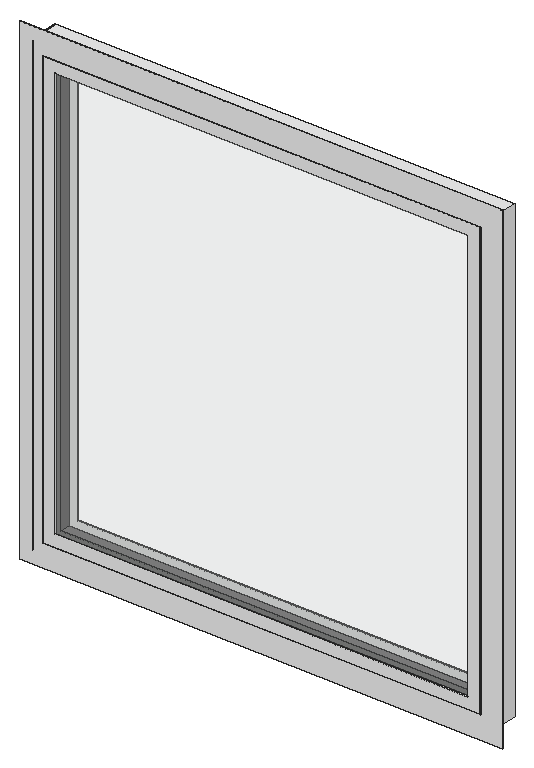
Revit family "Casement_30.5_C_Side_Hung_Custom", category Windows, host Wall, Revit 2014
Parameters (values of type "Casement_Sash_DG")
  Width Sash [instance] = 30 mm
  Width Sash Inner = 15 mm
  Width Bead = 15 mm
  Top Hung [instance] = yes
  Side Hung Right [instance] = yes
  Side Hung Left [instance] = yes
  Sash Opening Width [instance] = 600 mm
  Sash Opening Height [instance] = 600.312 mm
  Sash Lip = 15 mm
  Glazing Material [instance] = Glass
  DG Start Piece 2 [instance] = DG End Piece 1 + DG Gasket Thickness  # 25 mm
  DG Start Peice 1 [instance] = (Depth Sash - (2 * DG Glazing Thickness) - DG Gasket Thickness) / 2  # 6.6 mm
  Glazing Offset = 5 mm
  DG Glazing Thickness [instance] = 6.4 mm
  DG Gasket Thickness = 12 mm  # constant formula
  DG Gasket Material [instance] = Double Glazing Gasket Material
  DG End Piece 2 [instance] = DG Start Piece 2 + DG Glazing Thickness  # 31.4 mm
  DG End Piece 1 [instance] = DG Start Peice 1 + DG Glazing Thickness  # 13 mm
  Depth Sash [instance] = 38 mm
  Center Vertical Sash [instance] = Sash Opening Height / 2  # 300.156 mm
  Center Horizontal Sash [instance] = Sash Opening Width / 2  # 300 mm
  Bottom Hung [instance] = yes
  Bead Offset = 15 mm
  Aluminium Thickness = 1 mm
  Aluminium Material [instance] = White Powder Coated Aluminium
Reference planes
  plane 1 "Center (Front/Back)": y = 0
  plane 2: z = 0
  plane 3 "Center (Left/Right)": x = 0
Forms (mm)
  Sweep 1, solid, material "White Powder Coated Aluminium" <- "Aluminium Material"
    path origin (16.177, 0, 121.331) x (1, 0, 0) y (0, 0, 1)
      loop
        line (0, 0) -> (600, 0) -> (600, 600.312) -> (0, 600.312) -> (0, 0)
    profile origin (316.177, 0, 121.331) x (0, 0, 1) y (0, -1, 0)
      loop
        line (0, 0) -> (30, 0) -> (30, 1) -> (15, 1) -> (15, 38) -> (-15, 38) -> (-15, 37) -> (0, 37) -> (0, 0)
      loop
        line (14, 1) -> (14, 37) -> (1, 37) -> (1, 1) -> (14, 1)
  Sweep 2, solid, material "White Powder Coated Aluminium" <- "Aluminium Material"
    path origin (0, 0, 0) x (1, 0, 0) y (0, 0, 1)
      loop
        line (31.177, 706.643) -> (31.177, 136.331) -> (601.177, 136.331) -> (601.177, 706.643) -> (31.177, 706.643)
    profile origin (316.177, 0, 706.643) x (0, 0, 1) y (0, -1, 0)
      loop
        line (0, 37) -> (0, 38) -> (-15, 38) -> (-15, 37) -> (0, 37)
  Extrusion 3, solid, material "Glass" <- "Glazing Material"
    sketch origin (0, 0, 0) x (1, 0, 0) y (0, 0, 1)
      loop
        line (36.177, 701.643) -> (36.177, 141.331) -> (596.177, 141.331) -> (596.177, 701.643) -> (36.177, 701.643)
    from 6.6 <- "DG Start Peice 1" to 13 <- "DG End Piece 1"
  Extrusion 4, solid, material "Glass" <- "Glazing Material"
    sketch origin (0, 0, 0) x (1, 0, 0) y (0, 0, 1)
      loop
        line (36.177, 701.643) -> (36.177, 141.331) -> (596.177, 141.331) -> (596.177, 701.643) -> (36.177, 701.643)
    from 31.4 <- "DG End Piece 2" to 25 <- "DG Start Piece 2"
  Sweep 5, solid, material "Double Glazing Gasket Material" <- "DG Gasket Material"
    path origin (0, -13, 0) x (1, 0, 0) y (0, 0, 1)
      loop
        line (36.177, 701.643) -> (36.177, 141.331) -> (596.177, 141.331) -> (596.177, 701.643) -> (36.177, 701.643)
    profile origin (316.177, -13, 701.643) x (0, 0, 1) y (0, -1, 0)
      loop
        line (0, 0) -> (0, 12) -> (-7.96, 12) -> (-7.96, 0) -> (0, 0)
Lines and regions (mm)
  model lines
    curve 1: line (1.177, -38, 736.643) -> (31.177, -38, 706.643)
    curve 2: line (601.177, -38, 706.643) -> (631.177, -38, 736.643)
    curve 3: line (601.177, -38, 136.331) -> (631.177, -38, 106.331)
    curve 4: line (1.177, -38, 106.331) -> (31.177, -38, 136.331)
    curve 5: line (631.177, -37, 736.643) -> (616.177, -37, 721.643)
    curve 6: line (1.177, -37, 736.643) -> (16.177, -37, 721.643)
    curve 7: line (1.177, -37, 106.331) -> (16.177, -37, 121.331)
    curve 8: line (631.177, -37, 106.331) -> (616.177, -37, 121.331)
    curve 9: line (616.177, 0, 121.331) -> (586.177, 0, 151.331)
    curve 10: line (46.177, 0, 151.331) -> (16.177, 0, 121.331)
    curve 11: line (616.177, 0, 721.643) -> (586.177, 0, 691.643)
    curve 12: line (46.177, 0, 691.643) -> (16.177, 0, 721.643)
    curve 13: line (31.177, -38, 691.643) -> (46.177, -38, 691.643)
    curve 14: line (586.177, -38, 691.643) -> (601.177, -38, 691.643)
    curve 15: line (586.177, -38, 151.331) -> (601.177, -38, 151.331)
    curve 16: line (31.177, -38, 151.331) -> (46.177, -38, 151.331)
  model lines, style "GenericModelHiddenLines", visible <- "Top Hung"
    curve 17: line (46.386, -31.4, 690.914) -> (316.177, -31.4, 151.331)
    curve 18: line (316.177, -31.4, 151.331) -> (586.177, -31.4, 691.331)
  model lines, style "GenericModelHiddenLines", visible <- "Bottom Hung"
    curve 19: line (46.177, -31.4, 151.331) -> (316.177, -31.4, 691.331)
    curve 20: line (316.177, -31.4, 691.331) -> (586.177, -31.4, 151.331)
  model lines, style "GenericModelHiddenLines", visible <- "Side Hung Left"
    curve 21: line (46.386, -31.4, 690.914) -> (585.24, -31.4, 421.487)
    curve 22: line (585.24, -31.4, 421.487) -> (46.177, -31.4, 151.331)
  model lines, style "GenericModelHiddenLines", visible <- "Side Hung Right"
    curve 23: line (586.177, -31.4, 691.331) -> (46.177, -31.4, 421.487)
    curve 24: line (46.177, -31.4, 421.487) -> (586.177, -31.4, 151.331)
Dimensions and locks
  "Aluminium Thickness": Sweep 1 sketch curve to Sweep 1 sketch curve  (x4)
  "Depth Sash": Sweep 1 sketch curve to Sweep 1 sketch curve
  "Sash Opening Width": Sweep 1 to Sweep 1
  "Sash Opening Height": Sweep 1 to Sweep 1
  "Width Sash": Sweep 1 sketch curve to Sweep 1 sketch curve  (x2)
  "Width Sash Inner": Sweep 1 sketch curve to Sweep 1 sketch curve
  "Sash Lip": Sweep 1 sketch curve to Sweep 1 sketch curve
  "Aluminium Thickness": Sweep 1 to Sweep 2 sketch curve
  "Glazing Offset": Sweep 2 to Extrusion 3 sketch curve  (x3)
  "Glazing Offset": Extrusion 3 sketch curve to Sweep 2
  Sweep 1 to Sweep 1 = 1 mm
  "Aluminium Thickness": Sweep 2 sketch curve to Sweep 2 sketch curve
  "Width Bead": Sweep 2 sketch curve to Sweep 2 sketch curve
  locked: Sweep 5 sketch curve to Sweep 5 sketch curve at 7.96
  "Center Horizontal Sash": Sweep 1 to curve 18
  "Center Horizontal Sash": Sweep 1 to curve 20
  "Center Vertical Sash": Sweep 1 to curve 22
  "Center Vertical Sash": Sweep 1 to curve 24
  aligned and locked: level to plane 2
  aligned and locked: Sweep 1 sketch curve to Sweep 1 sketch curve  (x2)
  aligned and locked: Sweep 2 sketch curve to Sweep 1  (x5)
  aligned and locked: Extrusion 4 sketch curve to Extrusion 3  (x4)
  aligned and locked: Sweep 5 sketch curve to Extrusion 3  (x5)
  aligned and locked: Extrusion 3 to Sweep 5 sketch curve
Automatic sketch dimensions
  plane 3 "Center (Left/Right)" to Sweep 1 sketch curve = 16.177 mm
  level to Sweep 1 sketch curve = 121.331 mm
  plane 3 "Center (Left/Right)" to Sweep 1 sketch curve = 616.177 mm
  level to Sweep 1 sketch curve = 721.643 mm
  profile plane to Sweep 5 sketch curve = 12 mm
  curve 7 to Sweep 1 = 0 mm  (x4)
  curve 6 to Sweep 1 = 0 mm  (x3)
  Sweep 1 to curve 6 = 0 mm
  curve 5 to Sweep 1 = 0 mm  (x3)
  curve 8 to Sweep 1 = 0 mm  (x4)
  Sweep 1 to curve 5 = 0 mm
  curve 16 to Sweep 2 = 0 mm  (x3)
  curve 13 to Sweep 2 = 0 mm  (x3)
  curve 15 to Sweep 2 = 0 mm
  Sweep 2 to curve 15 = 0 mm  (x2)
  curve 14 to Sweep 2 = 0 mm  (x2)
  Sweep 2 to curve 14 = 0 mm
  curve 1 to Sweep 1 = 0 mm  (x4)
  curve 4 to Sweep 1 = 0 mm  (x3)
  Sweep 1 to curve 4 = 0 mm
  curve 3 to Sweep 1 = 0 mm  (x3)
  curve 2 to Sweep 1 = 0 mm  (x4)
  Sweep 1 to curve 3 = 0 mm
  curve 10 to Sweep 1 = 0 mm  (x4)
  curve 12 to Sweep 1 = 0 mm  (x3)
  Sweep 1 to curve 12 = 0 mm
  curve 9 to Sweep 1 = 0 mm  (x4)
  curve 11 to Sweep 1 = 0 mm  (x3)
  Sweep 1 to curve 11 = 0 mm
  Sweep 1 sketch curve to plane 1 "Center (Front/Back)" = 0 mm
  profile plane to Sweep 1 sketch curve = 0 mm
  curve 21 to Extrusion 4 = 10.208 mm
  curve 19 to Extrusion 4 = 10 mm
  curve 23 to Extrusion 4 = 10 mm  (x2)
  curve 22 to Extrusion 4 = 10.937 mm
  curve 20 to Extrusion 4 = 10 mm
  curve 24 to Extrusion 4 = 10 mm
  curve 22 to Extrusion 4 = 10 mm
  curve 18 to Extrusion 4 = 10 mm
  curve 21 to Extrusion 4 = 10.729 mm
  curve 19 to Extrusion 4 = 10.312 mm
  curve 18 to Extrusion 4 = 10.312 mm
